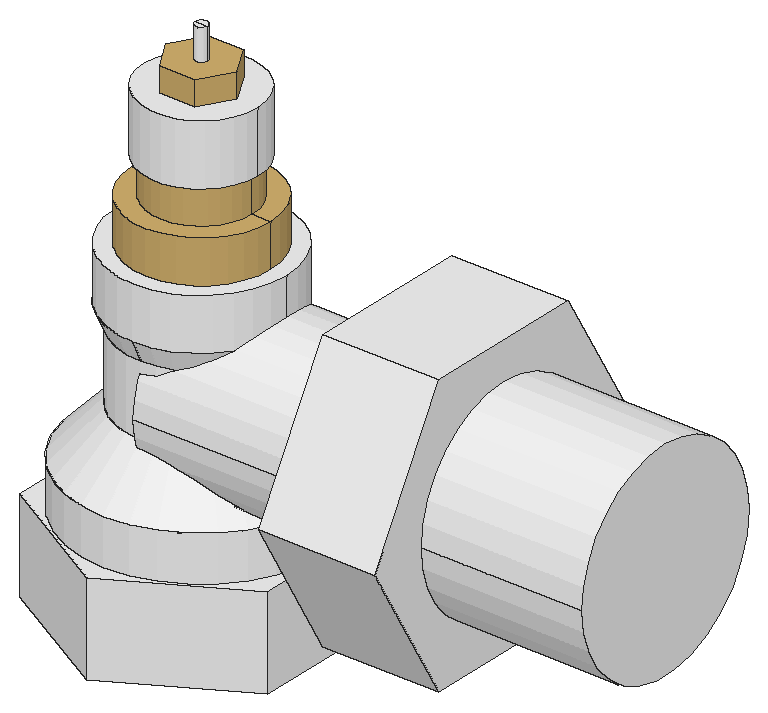
Revit family "RA-N_Angle_DN25_RFA", category Pipe Accessories, Revit 2019
Family settings
  Round Connector Dimension = Use Diameter
  Part Type = Valve - Breaks Into
  OmniClass Number = 23.65.55.14.17
  OmniClass Title = Adjusting/Controlling Valves for Liquid Services
  Work Plane-Based = No
  Always vertical = Yes
  Cut with Voids When Loaded = No
  Shared = No
Parameters (values of type "RA-N_Angle_DN25_Internal_013G0037")
  Weight = 0.60 kg
  W [instance] = 46.881 mm
  RV2 = 19.3 mm
  RV3 = 19.3 mm
  RV4 = 17 mm
  RB2 = 20 mm
  RB1 = 16 mm
  Pressure Drop [instance] = 0.0 bar
  Model Type = "RA-N_Angle_DN25_Internal"
  Model (Poland) = ""
  Model = "013G0037"
  Max Operating Pressure = "10 bar"  # constant formula
  Max Medium Temperature = "120 ˚C"  # constant formula
  Max Differential Pressure = "0.6 bar"  # constant formula
  L_1 = L1 + L2  # 30.5 mm
  LOD 350 = not(LOD 200)  # yes
  LOD 200 = no
  L2 = 5.5 mm
  L1 = 25 mm
  L4 = 19 mm
  L = 76 mm
  Kvs = 1.4 m³/h
  IfcExportType = "RA-N"  # constant formula
  IfcExportAs = "IfcValveType"  # constant formula
  HH2 = 8 mm
  HH1 = 15 mm
  HH3 = 3.5 mm
  H3 = 8.5 mm
  H2 = 3.5 mm
  H1 = 8 mm
  Valve Body Material = Danfoss Nickel Plated Brass
  URL = "https://store.danfoss.com/en/Climate-Solutions-for-heating/Radiator-Thermostats/Radiator-Valves/Build-on-valves/c/6148?q=%3Arelevance%3Adanfoss_producttypehierarchydesc%3Aeedb1faa3d8cce074ea89b9d505f747a0daf316f&page=0&pageSize=20"
  RV1 = 14 mm
  Manufacturer = "Danfoss"  # constant formula
  RB3 = 12.5 mm
  HH = 34 mm
  H = 52 mm
  Flow [instance] = 0.0 m³/h
  Description = "Thermostatic Radiator Valve"  # constant formula
  DB4 = 28 mm
  L_Thread2 = 22.9 mm  # constant formula
  L_Thread1 = 20.3 mm  # constant formula
  D = 25 mm
  Connection = "Internal Thread"  # constant formula
Reference planes
  plane 1 "Center (Front/Back)": y = 0
  plane 2 "XYPLANE": z = 0
  plane 3 "Center (Left/Right)": x = 0
  plane 4 "56": z = 52
  plane 5 "55": z = 33
  plane 6 "54": z = 8
  plane 7 "52": z = -34
  plane 8 "51": x = 0
  plane 9 "50": y = 0
  plane 10 "49": z = 0
  plane 11 "48": x = 30.5
  plane 12: z = 11.5
  plane 13: z = 20
  plane 14: z = 47
  plane 15: z = -3.5
  plane 16: z = -11.5
  plane 17: z = -19
  plane 18: x = 76
  plane 19: x = 49.5
  plane 20: x = 25
  plane 21: z = 43
Forms (mm)
  Extrusion 1, solid, material "Danfoss Nickel Plated Brass" <- "Valve Body Material", detail levels fine
    sketch origin (-750, 0, 33) x (1, 0, 0) y (0, 1, 0)
      loop
        circle (750, 0) r 9.3
    from 0 to 10
  Extrusion 2, solid, material "Danfoss Nickel Plated Brass" <- "Valve Body Material", detail levels fine
    sketch origin (0, 0, 0) x (1, 0, 0) y (0, 1, 0)
      loop
        circle (0, 0) r 14
    from 11.5 to 20
  Extrusion 3, solid, material "Danfoss Nickel Plated Brass" <- "Valve Body Material", visible <- "LOD 350", detail levels fine
    sketch origin (-750, 0, -34) x (1, 0, 0) y (0, 1, 0)
      loop
        line (750, -23.44) -> (770.3, -11.72) -> (770.3, 11.72) -> (750, 23.44) -> (729.7, 11.72) -> (729.7, -11.72) -> (750, -23.44)
    from 0 to 15
  Extrusion 4, solid, material "Danfoss Nickel Plated Brass" <- "Valve Body Material", visible <- "LOD 350", detail levels fine
    sketch origin (0, 0, 0) x (1, 0, 0) y (0, 1, 0)
      loop
        circle (0, 0) r 12.5
    from 8 to -3.5
  Extrusion 5, solid, material "Danfoss Nickel Plated Brass" <- "Valve Body Material", visible <- "LOD 350", detail levels fine
    sketch origin (16.7, -750, 0) x (0, 1, 0) y (0, 0, 1)
      loop
        circle (750, 0) r 14
    from 8.3 to -16.7
  Extrusion 6, solid, material "Danfoss Nickel Plated Brass" <- "Valve Body Material", visible <- "LOD 350", detail levels fine
    sketch origin (30.5, -750, 0) x (0, 1, 0) y (0, 0, 1)
      loop
        line (723.557, 0) -> (736.779, -22.9) -> (763.221, -22.9) -> (776.443, 0) -> (763.221, 22.9) -> (736.779, 22.9) -> (723.557, 0)
    from 19 to 0
  Revolve 7, solid, material "Danfoss Brass", visible <- "LOD 350", detail levels fine
    sketch origin (0, 0, 0) x (1, 0, 0) y (0, 0, 1)
      loop
        line (0, 33) -> (0, 20) -> (11.4, 20) -> (11.4, 27) -> (8.3, 27) -> (8.3, 33) -> (0, 33)
      axis (0, 33) -> (0, 20)
    angle from 0 to 360
  Revolve 8, solid, material "Danfoss Nickel Plated Brass" <- "Valve Body Material", detail levels fine
    sketch origin (0, 0, 0) x (1, 0, 0) y (0, 0, 1)
      loop
        line (0, 52) -> (0, 47) -> (1, 47) -> (1, 52) -> (0, 52)
      axis (0, 52) -> (0, 47)
    angle from 0 to 360
  Extrusion 9, solid, material "Danfoss Brass", visible <- "LOD 350", detail levels fine
    sketch origin (-750, 0, 0) x (1, 0, 0) y (0, 1, 0)
      loop
        line (747.113, 5) -> (744.226, 0) -> (747.113, -5) -> (752.887, -5) -> (755.774, 0) -> (752.887, 5) -> (747.113, 5)
    from 43 to 47
  Extrusion 10, solid, material "Danfoss Nickel Plated Brass" <- "Valve Body Material", visible <- "LOD 350", detail levels fine
    sketch origin (0, 0, 0) x (1, 0, 0) y (0, 1, 0)
      loop
        circle (0, 0) r 20
    from -19 to -11.5
  Blend 11, solid, material "Danfoss Nickel Plated Brass" <- "Valve Body Material", visible <- "LOD 350", detail levels fine
    base sketch origin (0, 0, 0) x (1, 0, 0) y (0, 1, 0)
      loop
        circle (0, 0) r 20
    top sketch origin (0, 0, 0) x (1, 0, 0) y (0, 1, 0)
      loop
        circle (0, 0) r 12.5
    from -11.5 to -3.5
  Blend 12, solid, material "Danfoss Nickel Plated Brass" <- "Valve Body Material", visible <- "LOD 350", detail levels fine
    base sketch origin (0, 0, 0) x (0, -1, 0) y (1, 0, 0)
      loop
        circle (0, 0) r 14
    top sketch origin (0, 0, 0) x (0, -1, 0) y (1, 0, 0)
      loop
        circle (0, 0) r 12.5
    from 11.5 to 8
  Blend 13, solid, material "Danfoss Nickel Plated Brass" <- "Valve Body Material", visible <- "LOD 350", detail levels fine
    base sketch origin (0, 0, 0) x (0, 1, 0) y (0, 0, 1)
      loop
        circle (0, 0) r 14
    top sketch origin (0, 0, 0) x (0, 1, 0) y (0, 0, 1)
      loop
        circle (0, 0) r 19.3
    from 25 to 30.5
  Extrusion 14, solid, material "Danfoss Nickel Plated Brass" <- "Valve Body Material", detail levels fine
    sketch origin (30.5, -750, 0) x (0, 1, 0) y (0, 0, 1)
      loop
        circle (750, 0) r 17
    from 19 to 45.5
  Revolve 15, solid, material "Danfoss Nickel Plated Brass" <- "Valve Body Material", visible <- "LOD 200", detail levels fine
    sketch origin (0, 0, 0) x (1, 0, 0) y (0, 0, 1)
      loop
        line (0, -19) -> (12.5, -19) -> (12.5, 11.5) -> (0, 11.5) -> (0, -19)
      axis (0, -19) -> (0, 11.5)
    angle from 0 to 360
  Revolve 16, solid, material "Danfoss Brass", visible <- "LOD 200", detail levels fine
    sketch origin (0, 0, 0) x (1, 0, 0) y (0, 0, 1)
      loop
        line (0, 33) -> (0, 20) -> (11.4, 20) -> (11.4, 33) -> (0, 33)
      axis (0, 33) -> (0, 20)
    angle from 0 to 360
  Extrusion 17, solid, material "Danfoss Nickel Plated Brass" <- "Valve Body Material", visible <- "LOD 200", detail levels fine
    sketch origin (0, 0, 0) x (0, 1, 0) y (0, 0, 1)
      loop
        circle (0, 0) r 14
    from 0 to 30.5
  Extrusion 18, solid, material "Danfoss Nickel Plated Brass" <- "Valve Body Material", visible <- "LOD 200", detail levels fine
    sketch origin (30.5, -750, 0) x (0, 1, 0) y (0, 0, 1)
      loop
        circle (750, 0) r 26.443
    from 0 to 19
  Extrusion 19, solid, material "Danfoss Brass", visible <- "LOD 200", detail levels fine
    sketch origin (0, 0, 0) x (1, 0, 0) y (0, 1, 0)
      loop
        circle (0, 0) r 5.774
    from 43 to 47
  Extrusion 20, solid, material "Danfoss Nickel Plated Brass" <- "Valve Body Material", visible <- "LOD 200", detail levels fine
    sketch origin (0, 0, 0) x (1, 0, 0) y (0, 1, 0)
      loop
        circle (0, 0) r 23.44
    from -34 to -19
Lines and regions (mm)
  reference lines, not visible
    curve 1: circle (2, 2, 0) r 1 normal (0, 0, 1)
  reference lines
    curve 2: line (0, 0, -34) -> (4.33, 2.5, -34)
    curve 3: line (0, 0, -34) -> (0, 5, -34)
    curve 4: line (0, 0, -34) -> (-4.33, 2.5, -34)
    curve 5: line (30.5, 0, 0) -> (30.5, 2.625, -4.547)
    curve 6: line (30.5, 0, 0) -> (30.5, 5.25, 0)
    curve 7: line (30.5, 0, 0) -> (30.5, 2.625, 4.547)
Dimensions and locks
  plane 1 "Center (Front/Back)" to curve 1 = 2 mm
  "H1": plane 2 "XYPLANE" to plane 6 "54"
  "HH": plane 2 "XYPLANE" to plane 7 "52"
  locked: plane 3 "Center (Left/Right)" to plane 8 "51"
  locked: plane 1 "Center (Front/Back)" to plane 9 "50"
  locked: plane 2 "XYPLANE" to plane 10 "49"
  "L_Thread1": curve 2 to Extrusion 3 sketch curve  (x2)
  "L_Thread1": curve 3 to Extrusion 3 sketch curve  (x2)
  "L_Thread1": curve 4 to Extrusion 3 sketch curve  (x2)
  "L_Thread2": curve 5 to Extrusion 6 sketch curve  (x2)
  "L_Thread2": curve 6 to Extrusion 6 sketch curve  (x2)
  "L_Thread2": curve 7 to Extrusion 6 sketch curve  (x2)
  "H2": plane 12 to plane 6 "54"
  "H3": plane 13 to plane 12
  "H": plane 4 "56" to level
  Revolve 7 sketch curve to Revolve 7 sketch curve = 11.4 mm
  Revolve 7 sketch curve to Revolve 7 sketch curve = 8.3 mm
  equal spacing: plane 5 "55", Revolve 7 sketch curve, plane 13
  equal spacing: Extrusion 9 sketch curve, plane 3 "Center (Left/Right)", Extrusion 9 sketch curve  (x2)
  Extrusion 9 sketch curve to Extrusion 9 sketch curve = 10 mm  (x3)
  equal spacing: Extrusion 9 sketch curve, plane 1 "Center (Front/Back)", Extrusion 9 sketch curve
  "HH3": level to plane 15
  "HH2": plane 15 to plane 16
  "HH1": plane 17 to plane 7 "52"
  "L": plane 18 to plane 3 "Center (Left/Right)"
  "L4": plane 11 "48" to plane 19
  "L1": plane 3 "Center (Left/Right)" to plane 20
  plane 11 "48" to plane 3 "Center (Left/Right)" = 30.5 mm
  locked: plane 21 to plane 5 "55" at 10
  locked: plane 5 "55" to plane 13 at 13
  "RB3": Revolve 15 sketch curve to Revolve 15 sketch curve
  locked: plane 14 to plane 21 at 4
  "L2": plane 20 to plane 11 "48"
  "W": Extrusion 3 to Extrusion 3
  "DB4": diameter of Extrusion 2 sketch curve
  "RB3": radius of Extrusion 4 sketch curve
  "RV1": radius of Extrusion 5 sketch curve
  "RB2": radius of Extrusion 10 sketch curve
  "RB2": radius of Blend 11 sketch curve
  "RB3": radius of Blend 11 sketch curve
  "RB3": radius of Blend 12 sketch curve
  radius of Extrusion 1 sketch curve = 9.3 mm
  "RV1": radius of Blend 13 sketch curve
  "RV2": radius of Blend 13 sketch curve
  "RV4": radius of Extrusion 14 sketch curve
  "DB4": diameter of Blend 12 sketch curve
  "RV1": radius of Extrusion 17 sketch curve
  radius of Extrusion 18 sketch curve = 26.443 mm
  radius of Extrusion 19 sketch curve = 5.774 mm
  radius of Extrusion 20 sketch curve = 23.44 mm
  locked: curve 3 to curve 2 (angle 60.00°)
  locked: curve 4 to curve 3 (angle 60.00°)
  locked: curve 4 to curve 2 (angle 120.00°)
  locked: curve 6 to curve 5 (angle 60.00°)
  locked: curve 7 to curve 6 (angle 60.00°)
  locked: curve 7 to curve 5 (angle 120.00°)
  aligned and locked: level to plane 2 "XYPLANE"
  aligned and locked: plane 8 "51" to Extrusion 1 sketch curve
  aligned and locked: plane 9 "50" to Extrusion 1 sketch curve
  aligned and locked: plane 8 "51" to Extrusion 2 sketch curve
  aligned and locked: plane 9 "50" to Extrusion 2 sketch curve
  aligned and locked: plane 8 "51" to curve 4
  aligned and locked: plane 9 "50" to curve 4
  aligned and locked: plane 8 "51" to Extrusion 4 sketch curve
  aligned and locked: plane 9 "50" to Extrusion 4 sketch curve
  aligned and locked: Extrusion 5 sketch curve to plane 9 "50"
  aligned and locked: plane 10 "49" to Extrusion 5 sketch curve
  aligned and locked: curve 7 to plane 9 "50"
  aligned and locked: plane 10 "49" to curve 7
  aligned and locked: Extrusion 2 to plane 12
  aligned and locked: plane 13 to Extrusion 2
  aligned and locked: Revolve 7 sketch curve to plane 8 "51"  (x2)
  aligned and locked: Revolve 7 sketch curve to plane 13
  aligned and locked: Revolve 7 sketch curve to plane 5 "55"
  aligned and locked: Extrusion 2 to Revolve 7 sketch curve
  aligned and locked: Revolve 8 sketch curve to plane 8 "51"
  aligned and locked: Revolve 8 sketch curve to plane 4 "56"
  aligned and locked: Revolve 8 sketch curve to plane 14
  aligned and locked: Revolve 8 sketch curve to plane 3 "Center (Left/Right)"
  aligned and locked: plane 14 to Extrusion 9
  aligned and locked: plane 6 "54" to Extrusion 4
  aligned and locked: plane 17 to Extrusion 3
  aligned and locked: Extrusion 4 to plane 15
  aligned and locked: plane 3 "Center (Left/Right)" to Extrusion 10 sketch curve
  aligned and locked: plane 1 "Center (Front/Back)" to Extrusion 10 sketch curve
  aligned and locked: Extrusion 10 to plane 17
  aligned and locked: plane 16 to Extrusion 10
  aligned and locked: plane 3 "Center (Left/Right)" to Blend 11 sketch curve  (x2)
  aligned and locked: plane 1 "Center (Front/Back)" to Blend 11 sketch curve  (x2)
  aligned and locked: Blend 11 to plane 16
  aligned and locked: plane 15 to Blend 11
  aligned and locked: plane 12 to Blend 12
  aligned and locked: Blend 12 to plane 6 "54"
  aligned and locked: Extrusion 5 to plane 20
  aligned and locked: Extrusion 6 to plane 11 "48"
  aligned and locked: plane 19 to Extrusion 6
  aligned and locked: Extrusion 5 to plane 3 "Center (Left/Right)"
  aligned and locked: plane 1 "Center (Front/Back)" to Blend 13 sketch curve  (x2)
  aligned and locked: level to Blend 13 sketch curve  (x2)
  aligned and locked: Blend 13 to plane 20
  aligned and locked: plane 1 "Center (Front/Back)" to Extrusion 14 sketch curve
  aligned and locked: level to Extrusion 14 sketch curve
  aligned and locked: Extrusion 14 to plane 19
  aligned and locked: plane 18 to Extrusion 14
  aligned and locked: Extrusion 9 to plane 21
  aligned and locked: plane 8 "51" to Blend 12 sketch curve
  aligned and locked: plane 9 "50" to Blend 12 sketch curve
  aligned and locked: Revolve 15 sketch curve to plane 3 "Center (Left/Right)"
  aligned and locked: Revolve 15 sketch curve to Revolve 15 sketch curve
  aligned and locked: Revolve 16 sketch curve to Revolve 16 sketch curve
  aligned and locked: Revolve 16 sketch curve to plane 13
  aligned and locked: Revolve 15 sketch curve to plane 12
  aligned and locked: level to Extrusion 17 sketch curve
  aligned and locked: plane 1 "Center (Front/Back)" to Extrusion 17 sketch curve
  aligned and locked: Extrusion 17 to plane 11 "48"
  aligned and locked: nested 1 to plane 9 "50"
  aligned and locked: Blend 13 to plane 11 "48"
  aligned and locked: Revolve 15 sketch curve to plane 17
  aligned and locked: Extrusion 20 to plane 7 "52"
  aligned and locked: plane 17 to Extrusion 20
  aligned and locked: plane 19 to Extrusion 18
  aligned and locked: Extrusion 18 to plane 11 "48"
  aligned and locked: Extrusion 19 to plane 21
  aligned and locked: plane 14 to Extrusion 19
  aligned and locked: Revolve 16 sketch curve to plane 5 "55"
Automatic sketch dimensions
  plane 3 "Center (Left/Right)" to curve 1 = 2 mm
  Revolve 7 sketch curve to plane 5 "55" = 6 mm
  Revolve 7 sketch curve to Revolve 7 sketch curve = 2.268 mm
  plane 3 "Center (Left/Right)" to Revolve 8 sketch curve = 1 mm
  Revolve 8 sketch curve to plane 14 = 1.62 mm
  plane 4 "56" to Revolve 8 sketch curve = 3.114 mm
  plane 1 "Center (Front/Back)" to Extrusion 9 sketch curve = 0 mm
  Extrusion 9 sketch curve to plane 3 "Center (Left/Right)" = 5.774 mm
  Revolve 16 sketch curve to plane 14 = 0 mm
  level to Revolve 16 sketch curve = 2.863 mm
  Revolve 16 sketch curve to plane 3 "Center (Left/Right)" = 0 mm
  plane 3 "Center (Left/Right)" to Revolve 16 sketch curve = 11.4 mm
  Extrusion 18 sketch curve to level = 0 mm
  Extrusion 18 sketch curve to plane 1 "Center (Front/Back)" = 0 mm
  plane 1 "Center (Front/Back)" to Extrusion 19 sketch curve = 0 mm
  Extrusion 19 sketch curve to plane 3 "Center (Left/Right)" = 0 mm
  plane 1 "Center (Front/Back)" to Extrusion 20 sketch curve = 0 mm
  Extrusion 20 sketch curve to plane 3 "Center (Left/Right)" = 0 mm
  plane 1 "Center (Front/Back)" to Blend 12 sketch curve = 0 mm
  Blend 12 sketch curve to plane 3 "Center (Left/Right)" = 0 mm
  Revolve 15 sketch curve to plane 17 = 0 mm
  Revolve 15 sketch curve to plane 13 = 0 mm
  radius of curve 1 = 1 mm
Nested families
  nested 1: "Schematic_Radiator Valve_Angle" at (0, 0, 0), type "Schematic_Radiator Valve_Angle", detail levels coarse+medium
Connectors
  piping at (0, 0, -34), diameter 25, driven by "Flow", driven by "D"
    settings: on Extrusion 3, index 3, connector inside diameter 609.6 mm, connector length 0 mm, flow factor 0, pipe flow 0.0 m³/h, pressure drop 0.0 bar, fitting loss kfactor 0, connector angle 0.00°, fixture units 0, engagement length 0 mm, angle of deflection 0.00°, flow configuration 0, flow direction 0, fitting loss method 0, system type 29, joint type 0, gender type 0, connector reference index 4, connector utility 0, adjustable connector no, is connector primary yes, connector description ""
  piping at (30.5, 0, 0), diameter 25, driven by "Flow", driven by "D"
    settings: on Extrusion 6, index 4, connector inside diameter 609.6 mm, connector length 0 mm, flow factor 0, pipe flow 0.0 m³/h, pressure drop 0.0 bar, fitting loss kfactor 0, connector angle 0.00°, fixture units 0, engagement length 0 mm, angle of deflection 0.00°, flow configuration 0, flow direction 0, fitting loss method 0, system type 29, joint type 0, gender type 0, connector reference index 3, connector utility 0, adjustable connector no, is connector primary no, connector description ""
Definition of nested family "Schematic_Radiator Valve_Angle"
  Parameters (values of type "Schematic_Radiator Valve_Angle")
    L2 = 30.5 mm
    H2 = H / 2  # 21.8 mm
    H1 = 34 mm
    H = 43.6 mm
    D = 28 mm
  Reference planes
    plane 1 "Center (Front/Back)": y = 0
    plane 2: z = 0
    plane 3 "Center (Left/Right)": x = 0
    plane 4: x = 30.5
    plane 5: y = -34
    plane 6: y = 9.6
    plane 7: y = 14
    plane 8: y = -14
    plane 9: x = 14
    plane 10: x = -14
    plane 11: y = -12.2
    plane 12: z = -34
    plane 13: z = 14
    plane 14: z = -14
    plane 15: z = 43.6
    plane 16: z = 21.8
    plane 17: x = -10.9
    plane 18: x = 10.9
  Lines and regions (mm)
    model lines
      curve 1: line (0, 0, 0) -> (-14, 0, -34)
      curve 2: line (-14, 0, -34) -> (14, 0, -34)
      curve 3: line (14, 0, -34) -> (0, 0, 0)
      curve 4: line (30.5, 0, 14) -> (30.5, 0, -14)
      curve 5: line (30.5, 0, -14) -> (0, 0, 0)
      curve 6: line (0, 0, 0) -> (0, 0, 21.8)
      curve 7: line (-10.9, 0, 43.6) -> (-10.9, 0, 21.8)
      curve 8: line (-10.9, 0, 21.8) -> (10.9, 0, 21.8)
      curve 9: line (10.9, 0, 21.8) -> (10.9, 0, 43.6)
      curve 10: line (10.9, 0, 43.6) -> (-10.9, 0, 43.6)
      curve 14: line (0, 0, 0) -> (30.5, 0, 14)
    symbolic lines
      curve 11: line (30.5, -14, 0) -> (0, 0, 0)
      curve 12: line (0, 0, 0) -> (30.5, 14, 0)
      curve 13: line (30.5, 14, 0) -> (30.5, -14, 0)
  Dimensions and locks
    "H": plane 5 to plane 6
    "H1": plane 5 to plane 1 "Center (Front/Back)"
    equal spacing: plane 10, plane 3 "Center (Left/Right)", plane 9
    equal spacing: plane 8, plane 1 "Center (Front/Back)", plane 7
    "H2": plane 11 to plane 6
    equal spacing: plane 13, level, plane 14
    "H2": plane 15 to plane 16
    "H1": level to plane 12
    "D": plane 13 to plane 14
    "D": plane 9 to plane 10
    equal spacing: plane 9, plane 3 "Center (Left/Right)", plane 10
    "H": plane 15 to level
    "D": plane 8 to plane 7
    "L2": plane 4 to plane 3 "Center (Left/Right)"
    plane 4 to plane 18 to plane 3 "Center (Left/Right)" = 19.6 mm, 10.9 mm
    "H2": plane 18 to plane 17
    equal spacing: plane 18, plane 3 "Center (Left/Right)", plane 17
    aligned and locked: level to plane 2
    aligned and locked: plane 13 to curve 4
  Automatic sketch dimensions
    curve 12 to plane 3 "Center (Left/Right)" = 0 mm
    plane 1 "Center (Front/Back)" to curve 12 = 0 mm
    curve 13 to plane 4 = 0 mm
    plane 8 to curve 13 = 0 mm
    plane 7 to curve 13 = 0 mm
    curve 10 to plane 15 = 0 mm
    curve 10 to plane 17 = 0 mm
    curve 2 to plane 10 = 0 mm
    curve 3 to plane 3 "Center (Left/Right)" = 0 mm
    curve 14 to level = 0 mm
    curve 3 to plane 9 = 0 mm
    curve 10 to plane 18 = 0 mm
    curve 4 to plane 4 = 0 mm
    curve 1 to plane 12 = 0 mm
    curve 5 to plane 14 = 0 mm
    curve 7 to plane 16 = 0 mm
